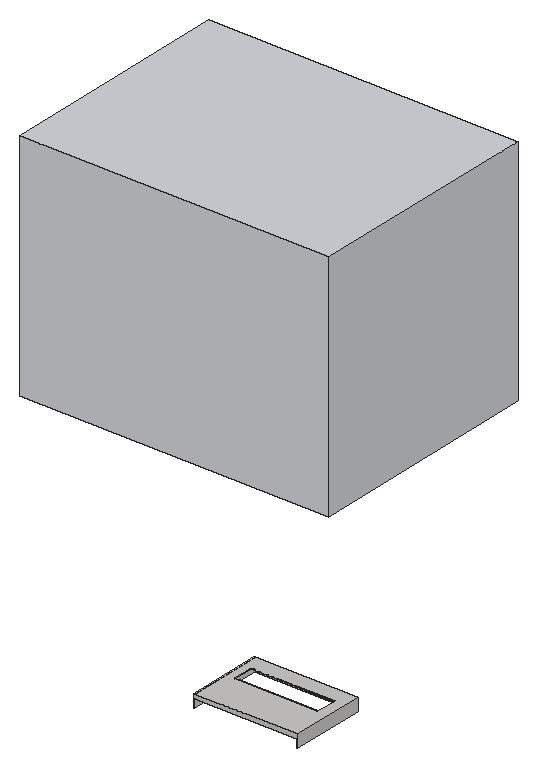
Revit family
Parameters
  Trim Material = Metal - Stainless Steel
  Body Material = Metal - Stainless Steel
  Warranty Duration (Years) = 0
  URL = "http://www.americanspecialties.com/viewCategories.cfm"
  Test Data = ""
  Specification = "http://www.arcat.com/sdspecs/htm/10810asi.htm"
  SpecWizard = ""
  Send Message = "http://www.arcat.com/users.pl?action=UserEmail&company=American%20Specialties,%20Inc.&coid=30448&rep=139&fax=914-476-0688&mf="
  Sales Information = "http://www.americanspecialties.com/contact"
  Revision = "R1_10-2010"
  Product Properties = "http://www.americanspecialties.com/datasheets/0477-SM.pdf"
  Product Data = "http://www.arcat.com/arcatcos/cos30/arc30448.html"
  Model = "As Specified in 10 28 13"
  Manufacturer Website = "http://www.americanspecialties.com/viewCategories.cfm"
  Manufacturer Phone - Toll Free = ""
  Manufacturer Phone = "914-476-9000 "
  Manufacturer Fax = "914-476-0688"
  Manufacturer Address = "441 Saw Mill River Rd., Yonkers, NY 10701"
  Manufacturer = "American Specialties, Inc."
  Maintenance Schedule (Months) = 0
  Keynote = "10 28 13"
  Installation-Fabrication = "http://www.americanspecialties.com/products.cfm"
  Green Building-LEED = ""
  Expected Lifespan (Years) = 0
  Drawn By = "Robert S. Weygant. CSI, CDT, SCIP"  # constant formula
  Description = "Toilet Accessory as Specified in 10 28 13"
  Default Elevation = 4' - 0"
  Copyright = "©Arcat Inc."
  Construction Details = "http://www.arcat.com/green/clients/leed_data_30448.html"
  Building Codes = "http://www.americanspecialties.com/products.cfm"
  Assembly Code = "C1030210"
Reference planes (in)
  plane 1 "Center (Front/Back)": y = -0.29112
  plane 2 "Floor Line": z = 0
  plane 3 "Center (Left/Right)": x = -0.65843
  plane 4: y = 5.20888
  plane 5: x = -8.28343
  plane 6: x = 6.96641
  plane 7: y = -5.79112
  plane 8: z = 0
  plane 9: y = 1.20888
Forms (in)
  Extrusion 1, solid
    sketch origin (-3.65843, -10.3328, -6) x (0, 0, -1) y (1, 0, 0)
      loop
        line (-82, 26) -> (-82, -19.34712) -> (-47.82837, -19.34712) -> (-47.82837, 26) -> (-82, 26)
    from 9 to -25.60721
  Extrusion 2, solid, material "Metal - Stainless Steel" <- "Body Material"
    sketch origin (-0.65843, 0, 1.875) x (0, 1, 0) y (0, 0, 1)
      loop
        line (5.20888, 0) -> (-5.79112, 0) -> (-5.79112, -0.6875) -> (-5.29112, -0.6875) -> (-5.29112, -0.625) -> (-5.72862, -0.625) -> (-5.72862, -0.0625) -> (5.14638, -0.0625) -> (5.14638, -1.875) -> (5.20888, -1.875) -> (5.20888, 0)
    from -7.625 to 7.625
  Extrusion 3, solid, material "Metal - Stainless Steel" <- "Body Material"
    sketch origin (-0.65843, 0, 1.875) x (0, 1, 0) y (0, 0, 1)
      loop
        line (2.20888, -1.875) -> (1.90324, -1.4385) -> (0.51452, -1.4385) -> (0.20888, -1.875) -> (0.28518, -1.875) -> (0.54706, -1.501) -> (1.87071, -1.501) -> (2.13258, -1.875) -> (2.20888, -1.875)
    from -7.48789 to 7.48789
  Extrusion 4, void
    sketch origin (0, 0, 1.875) x (0, -1, 0) y (1, 0, 0)
      loop
        arc (-2.89638, -6.72093) -> (-2.85977, -6.80932) -> (-2.77138, -6.84593) r 0.125
        line (-2.77138, -6.84593) -> (0.10362, -6.84593)
        arc (0.10362, -6.84593) -> (0.19201, -6.80932) -> (0.22862, -6.72093) r 0.125
        line (0.22862, -6.72093) -> (0.22862, 5.40407)
        arc (0.22862, 5.40407) -> (0.19201, 5.49245) -> (0.10362, 5.52907) r 0.125
        line (0.10362, 5.52907) -> (-2.77138, 5.52907)
        arc (-2.77138, 5.52907) -> (-2.85977, 5.49245) -> (-2.89638, 5.40407) r 0.125
        line (-2.89638, 5.40407) -> (-2.89638, -6.72093)
    from -0.0625 to 0
  Extrusion 5, solid, material "Metal - Stainless Steel" <- "Body Material"
    sketch origin (-0.65843, 0, 0) x (0, 1, 0) y (0, 0, 1)
      loop
        line (5.20888, 0) -> (5.20888, 1.875) -> (-5.79112, 1.875) -> (-5.79112, 0) -> (5.20888, 0)
    from 7.48789 to 7.62485
  Extrusion 6, solid, material "Metal - Stainless Steel" <- "Body Material"
    sketch origin (-0.65843, 0, 0) x (0, 1, 0) y (0, 0, -1)
      loop
        line (5.20888, 0) -> (-5.79112, 0) -> (-5.79112, -1.875) -> (5.20888, -1.875) -> (5.20888, 0)
    from 7.48789 to 7.62485
Cuts and joins
  Extrusion 4 cuts Extrusion 2
  joined: Extrusion 2, Extrusion 5, Extrusion 6
  Extrusion 4 cuts Extrusion 3
Dimensions and locks (in)
  aligned and locked: cut or joined group of Extrusion 2, Extrusion 4, Extrusion 5, Extrusion 6 to Extrusion 5 sketch curve
  aligned and locked: Extrusion 5 sketch curve to cut or joined group of Extrusion 2, Extrusion 4, Extrusion 5, Extrusion 6  (x3)
  aligned and locked: Extrusion 5 to plane 6
  aligned and locked: Extrusion 3 to cut or joined group of Extrusion 2, Extrusion 4, Extrusion 5, Extrusion 6  (x2)
